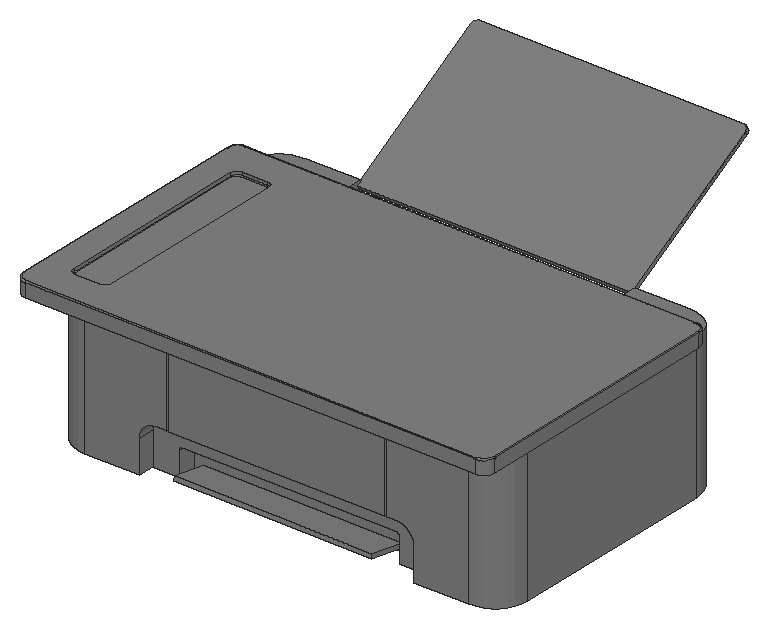
Revit family "Принтер струйный А4", category Оборудование, Revit 2017
Family settings
  Размер круглого соединителя = Использовать диаметр
  Тип детали = Нормальный
  На основе рабочей плоскости = Нет
  Всегда вертикально = Да
  При загрузке вырезать с полостями = Нет
  Общий = Нет
  Точка расчета площади = Нет
Parameters (values of type "Тип")
  Ширина = 430.0 mm
  Число полюсов = 1
  Примечание ЭМ [instance] = ""
  Примечание СС [instance] = ""
  Примечание = ""
  Позиция = ""
  Обозначение = "PIXMA TS304"
  Напряжение = 220 V
  Наименование = "Принтер струйный цветной А4"
  Мощность номинальная = 100 W
  Масса = "3"
  Код оборудования = ""
  Keynote = ""
  Задание = "ЭМ"
  Завод = "Canon"
  Единицы = "шт."
  Группа модели = "ТХ"  # constant formula
  Глубина = 282.0 mm
  Высота = 143.0 mm
Reference planes
  plane 1 "По центру (Вперед/Назад)": y = 0
  plane 2: z = 0
  plane 3 "По центру (Влево/Вправо)": x = 0
  plane 4: x = 215
  plane 5: x = -215
  plane 6: y = 141
  plane 7: y = -141
  plane 8: y = -111
  plane 9: x = -205
  plane 10: x = 205
  plane 11: y = 111
  plane 12: through (0, 141, 130) normal (0, 0.5, -0.866)
  plane 13: x = -172.265
  plane 14: through (0, -81, 3) normal (0, 0.1736, 0.9848)
Forms (mm)
  Extrusion 1, solid, material "ПАУВ"
    sketch origin (0, 0, 0) x (1, 0, 0) y (0, 1, 0)
      loop
        arc (-175, 141) -> (-196.213, 132.213) -> (-205, 111) r 30
        line (-205, 111) -> (-205, -81)
        arc (-205, -81) -> (-196.213, -102.213) -> (-175, -111) r 30
        line (-175, -111) -> (175, -111)
        arc (175, -111) -> (196.213, -102.213) -> (205, -81) r 30
        line (205, -81) -> (205, 111)
        arc (205, 111) -> (196.213, 132.213) -> (175, 141) r 30
        line (175, 141) -> (-175, 141)
    from 0 to 130
  Extrusion 2, solid, material "ПАУВ"
    sketch origin (0, 0, 0) x (1, 0, 0) y (0, 1, 0)
      loop
        arc (-205, 111) -> (-212.071, 108.071) -> (-215, 101) r 10
        line (-215, 101) -> (-215, -131)
        arc (-215, -131) -> (-212.071, -138.071) -> (-205, -141) r 10
        line (-205, -141) -> (205, -141)
        arc (205, -141) -> (212.071, -138.071) -> (215, -131) r 10
        line (215, -131) -> (215, 101)
        arc (215, 101) -> (212.071, 108.071) -> (205, 111) r 10
        line (205, 111) -> (-205, 111)
    from 130 to 143
  Extrusion 3, void
    sketch origin (0, 0, 0) x (1, 0, 0) y (0, 1, 0)
      loop
        line (-125, 141) -> (-125, 111) -> (125, 111) -> (125, 141) -> (-125, 141)
    from 115 to 130
  Extrusion 4, void
    sketch origin (-355, -111, 1200) x (1, 0, 0) y (0, 0, 1)
      loop
        line (230, -1200) -> (480, -1200) -> (480, -1170)
        arc (480, -1170) -> (475.607, -1159.393) -> (465, -1155) r 15
        line (465, -1155) -> (245, -1155)
        arc (245, -1155) -> (234.393, -1159.393) -> (230, -1170) r 15
        line (230, -1170) -> (230, -1200)
    from 0 to -15
  Extrusion 5, void
    sketch origin (0, 0, 0) x (1, 0, 0) y (0, 1, 0)
      loop
        arc (-183.765, 79.117) -> (-188.007, 77.359) -> (-189.765, 73.117) r 6
        line (-189.765, 73.117) -> (-189.765, -105)
        arc (-189.765, -105) -> (-188.007, -109.243) -> (-183.765, -111) r 6
        line (-183.765, -111) -> (-160.765, -111)
        arc (-160.765, -111) -> (-156.522, -109.243) -> (-154.765, -105) r 6
        line (-154.765, -105) -> (-154.765, 73.117)
        arc (-154.765, 73.117) -> (-156.522, 77.359) -> (-160.765, 79.117) r 6
        line (-160.765, 79.117) -> (-183.765, 79.117)
    from 140 to 143
  Extrusion 6, void
    sketch origin (-355, -111, 1200) x (1, 0, 0) y (0, 0, 1)
      loop
        line (255, -1200) -> (455, -1200) -> (455, -1177)
        arc (455, -1177) -> (454.414, -1175.586) -> (453, -1175) r 2
        line (453, -1175) -> (257, -1175)
        arc (257, -1175) -> (255.586, -1175.586) -> (255, -1177) r 2
        line (255, -1177) -> (255, -1200)
    from -15 to -30
  Extrusion 7, solid, material "ПАУВ"
    sketch origin (0, 0, 0) x (0, 1, 0) y (0, 0, 1)
      loop
        line (-81, 3) -> (-80.305, 6.939) -> (-114.774, 13.017) -> (-115.468, 9.078) -> (-81, 3)
    from -90 to 90
  Extrusion 8, void
    sketch origin (-355, -111, 1200) x (1, 0, 0) y (0, 0, 1)
      loop
        line (255, -1155) -> (257, -1155) -> (257, -1070) -> (255, -1070) -> (255, -1155)
      loop
        line (455, -1155) -> (455, -1070) -> (453, -1070) -> (453, -1155) -> (455, -1155)
    from 0 to -10
  Extrusion 9, solid, material "ПАУВ"
    sketch origin (0, 141, 130) x (0, -0.866025, -0.5) y (-1, 0, 0)
      loop
        line (5, 125) -> (-145, 125)
        arc (-145, 125) -> (-148.536, 123.536) -> (-150, 120) r 5
        line (-150, 120) -> (-150, -120)
        arc (-150, -120) -> (-148.536, -123.536) -> (-145, -125) r 5
        line (-145, -125) -> (5, -125) -> (5, 125)
    from 0 to 4
  Sweep 10, void
    path in 3D
      loop
        arc (205, -141, 143) -> (212.071, -138.071, 143) -> (215, -131, 143) r 10
        line (215, -131, 143) -> (215, 101, 143)
        arc (215, 101, 143) -> (212.071, 108.071, 143) -> (205, 111, 143) r 10
        line (205, 111, 143) -> (-205, 111, 143)
        arc (-205, 111, 143) -> (-212.071, 108.071, 143) -> (-215, 101, 143) r 10
        line (-215, 101, 143) -> (-215, -131, 143)
        arc (-215, -131, 143) -> (-212.071, -138.071, 143) -> (-205, -141, 143) r 10
        line (-205, -141, 143) -> (205, -141, 143)
    profile origin (0, -141, 143) x (0, 1, 0) y (0, 0, 1)
      loop
        line (0, 0) -> (0, -1)
        arc (0, -1) -> (0.293, -0.293) -> (1, 0) r 1
        line (1, 0) -> (0, 0)
  Sweep 11, solid, material "ПАУВ"
    path in 3D
      loop
        arc (-154.765, 73.117, 140) -> (-156.522, 77.359, 140) -> (-160.765, 79.117, 140) r 6
        line (-160.765, 79.117, 140) -> (-183.765, 79.117, 140)
        arc (-183.765, 79.117, 140) -> (-188.007, 77.359, 140) -> (-189.765, 73.117, 140) r 6
        line (-189.765, 73.117, 140) -> (-189.765, -105, 140)
        arc (-189.765, -105, 140) -> (-188.007, -109.243, 140) -> (-183.765, -111, 140) r 6
        line (-183.765, -111, 140) -> (-160.765, -111, 140)
        arc (-160.765, -111, 140) -> (-156.522, -109.243, 140) -> (-154.765, -105, 140) r 6
        line (-154.765, -105, 140) -> (-154.765, 73.117, 140)
    profile origin (-154.765, -15.942, 140) x (-1, 0, 0) y (0, 0, 1)
      loop
        line (0, 0) -> (1, 0)
        arc (1, 0) -> (0.293, 0.293) -> (0, 1) r 1
        line (0, 1) -> (0, 0)
  Extrusion 12, solid
    sketch origin (-215, 141, 0) x (1, 0, 0) y (0, 0, -1)
      loop
        circle (349.185, -30.358) r 5
    from 0 to -4
Cuts and joins
  Extrusion 3, Extrusion 4, Extrusion 6, Extrusion 8 cuts Extrusion 1
  Extrusion 5, Extrusion 8, Sweep 10 cuts Extrusion 2
Lines and regions (mm)
  Split face 1
    outline origin (-189.765, 79.117, 140) x (0, -1, 0) y (1, 0, 0)
      loop
        arc (6.911, 9.959) -> (7.496, 8.545) -> (8.911, 7.959) r 2
        line (8.911, 7.959) -> (19.911, 7.959)
        arc (19.911, 7.959) -> (21.325, 8.545) -> (21.911, 9.959) r 2
        line (21.911, 9.959) -> (21.911, 25.959)
        arc (21.911, 25.959) -> (21.325, 27.373) -> (19.911, 27.959) r 2
        line (19.911, 27.959) -> (8.911, 27.959)
        arc (8.911, 27.959) -> (7.496, 27.373) -> (6.911, 25.959) r 2
        line (6.911, 25.959) -> (6.911, 9.959)
  Split face 2
    outline origin (-189.765, 79.117, 140) x (0, -1, 0) y (1, 0, 0)
      loop
        arc (34.009, 9.959) -> (34.594, 8.545) -> (36.009, 7.959) r 2
        line (36.009, 7.959) -> (42.009, 7.959)
        arc (42.009, 7.959) -> (43.423, 8.545) -> (44.009, 9.959) r 2
        line (44.009, 9.959) -> (44.009, 25.959)
        arc (44.009, 25.959) -> (43.423, 27.373) -> (42.009, 27.959) r 2
        line (42.009, 27.959) -> (36.009, 27.959)
        arc (36.009, 27.959) -> (34.594, 27.373) -> (34.009, 25.959) r 2
        line (34.009, 25.959) -> (34.009, 9.959)
  Split face 3
    outline origin (-189.765, 79.117, 140) x (0, -1, 0) y (1, 0, 0)
      loop
        arc (104.009, 9.959) -> (104.594, 8.545) -> (106.009, 7.959) r 2
        line (106.009, 7.959) -> (112.009, 7.959)
        arc (112.009, 7.959) -> (113.423, 8.545) -> (114.009, 9.959) r 2
        line (114.009, 9.959) -> (114.009, 25.959)
        arc (114.009, 25.959) -> (113.423, 27.373) -> (112.009, 27.959) r 2
        line (112.009, 27.959) -> (106.009, 27.959)
        arc (106.009, 27.959) -> (104.594, 27.373) -> (104.009, 25.959) r 2
        line (104.009, 25.959) -> (104.009, 9.959)
  Split face 4
    outline origin (-189.765, 79.117, 140) x (0, -1, 0) y (1, 0, 0)
      loop
        arc (124.009, 9.959) -> (124.594, 8.545) -> (126.009, 7.959) r 2
        line (126.009, 7.959) -> (132.009, 7.959)
        arc (132.009, 7.959) -> (133.423, 8.545) -> (134.009, 9.959) r 2
        line (134.009, 9.959) -> (134.009, 25.959)
        arc (134.009, 25.959) -> (133.423, 27.373) -> (132.009, 27.959) r 2
        line (132.009, 27.959) -> (126.009, 27.959)
        arc (126.009, 27.959) -> (124.594, 27.373) -> (124.009, 25.959) r 2
        line (124.009, 25.959) -> (124.009, 9.959)
  Split face 5
    outline origin (-189.765, 79.117, 140) x (0, -1, 0) y (1, 0, 0)
      loop
        arc (144.009, 9.959) -> (144.594, 8.545) -> (146.009, 7.959) r 2
        line (146.009, 7.959) -> (152.009, 7.959)
        arc (152.009, 7.959) -> (153.423, 8.545) -> (154.009, 9.959) r 2
        line (154.009, 9.959) -> (154.009, 25.959)
        arc (154.009, 25.959) -> (153.423, 27.373) -> (152.009, 27.959) r 2
        line (152.009, 27.959) -> (146.009, 27.959)
        arc (146.009, 27.959) -> (144.594, 27.373) -> (144.009, 25.959) r 2
        line (144.009, 25.959) -> (144.009, 9.959)
  sketch lines
    curve 1: line (-205, -141, 143) -> (205, -141, 143)
    curve 2: arc (215, -131, 143) -> (212.071, -138.071, 143) -> (205, -141, 143) r 10
    curve 3: line (215, -131, 143) -> (215, 101, 143)
    curve 4: arc (205, 111, 143) -> (212.071, 108.071, 143) -> (215, 101, 143) r 10
    curve 5: line (205, 111, 143) -> (-205, 111, 143)
    curve 6: line (-215, 101, 143) -> (-215, -131, 143)
    curve 7: arc (-215, 101, 143) -> (-212.071, 108.071, 143) -> (-205, 111, 143) r 10
    curve 8: arc (-205, -141, 143) -> (-212.071, -138.071, 143) -> (-215, -131, 143) r 10
    curve 9: line (-154.765, -105, 140) -> (-154.765, 73.117, 140)
    curve 10: arc (-160.765, 79.117, 140) -> (-156.522, 77.359, 140) -> (-154.765, 73.117, 140) r 6
    curve 11: line (-160.765, 79.117, 140) -> (-183.765, 79.117, 140)
    curve 12: arc (-189.765, 73.117, 140) -> (-188.007, 77.359, 140) -> (-183.765, 79.117, 140) r 6
    curve 13: line (-189.765, 73.117, 140) -> (-189.765, -105, 140)
    curve 14: arc (-183.765, -111, 140) -> (-188.007, -109.243, 140) -> (-189.765, -105, 140) r 6
    curve 15: line (-183.765, -111, 140) -> (-160.765, -111, 140)
    curve 16: arc (-154.765, -105, 140) -> (-156.522, -109.243, 140) -> (-160.765, -111, 140) r 6
Dimensions and locks
  aligned and locked: level to plane 2
Connectors
  electrical at (134.185, 141, 30.358), driven by "Напряжение", driven by "Мощность номинальная"
    settings: on Extrusion 12, index 1, voltage 220 V, apparent load 0 VA, apparent load phase1 100 VA, apparent load phase2 0 VA, apparent load phase3 0 VA, power factor 1, load classification "Прочее", number of poles 1, system type 31, power factor state 1, is connector primary yes, connector utility no, sub classification motor no, connector description ""
